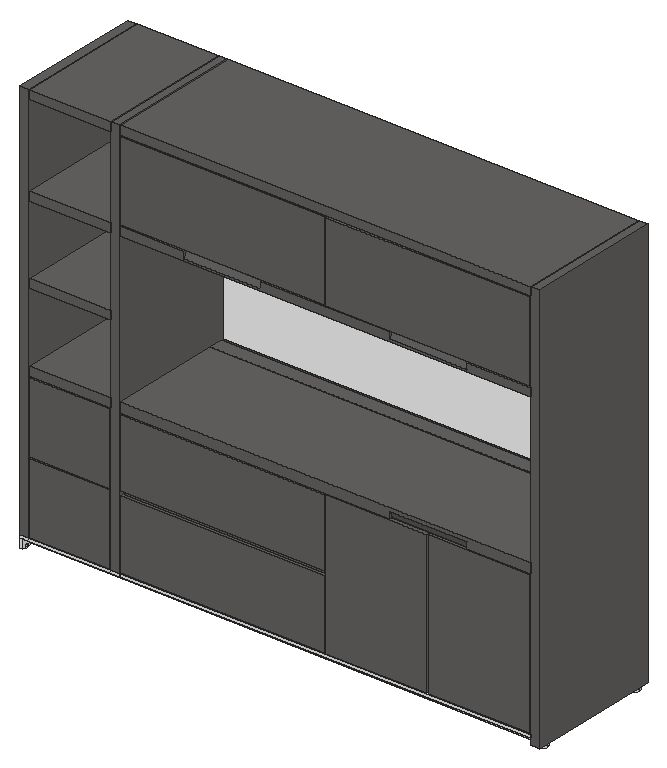
Revit family "Storage-Wall-Teknion-ZXLS_74_High_Without_Lights-R2011", category Furniture Systems, Revit 2013
Parameters (values of type "(See Type Catalog)")
  Working Wall Finish [instance] = Glass - Teknion - K6 - White Backpainted
  Width = 92.642"
  Warranty = "http://www.teknionstudio.com/pdfs/Teknion%20Studio%20Warranty.pdf"
  Wall Unit Finish [instance] = Veneer - Teknion - P7 - Grey Oak
  Unit Weight = 685.00 lbf
  URL = "www.teknionstudio.com"
  Right Tabletop Cutout Offset = if(Has Right Double Doors, 0", 4")  # 0"
  Left Tabletop Cutout Offset = if(Has Left Double Doors, 0", 4")  # 4"
  Storage Tower = Storage-Unit-Teknion-Tower : Upper Shelves & File/File Pedestal
  Series = "B&B Italia"
  Product Page URL = "http://www.teknionstudio.com/acexecutive/"
  Product Line = "AC Executive"
  Product Documentation Link = "http://www.teknionstudio.com/pricing/ac_executive_storage_walls_ppg.pdf"
  Part Number = "ZXLS"
  Model = ""
  Manufacturer Phone = "919-464-2920"
  Manufacturer Fax = "919-464-2927"
  Manufacturer Email = "customersupport@teknionstudio.com"
  Manufacturer Address = "3940 US 70 Business HWY West, Clayton, NC 27520"
  Manufacturer = "Teknion Studio"  # constant formula
  Low Emitting Material = yes
  Low Emitting Finish = yes
  Height = 73.81394"
  Has Right File File Drawers = not(Has Right Double Doors)  # no
  Has Right Double Doors = yes
  Has Left File File Drawers = not(Has Left Double Doors)  # yes
  Has Left Double Doors = no
  Description = ""
  Depth = 24"
  Assembly Code = "E2020200"
Reference planes (in)
  plane 1 "Center F/B": y = 0
  plane 2: z = 0
  plane 3 "Center L/R": x = -16.17703
  plane 4 "Back": y = 12
  plane 5 "Front": y = -12
  plane 6 "Top": z = 73.81394
  plane 7: x = 28.60446
  plane 8: z = 29.68402
  plane 9: z = 56.1289
  plane 10: x = -44.7815
  plane 11: z = 2.1289
  plane 12: x = -8.08852
  plane 13 "Foot Centerline": y = -11.2126
  plane 14 "Tabletop Cutout Left": y = -16
  plane 15 "Foot Centerline Front": y = -10.22835
  plane 16 "Foot Centerline Back": y = 10.22835
  plane 17: y = -8.484
  plane 18 "Tabletop Cutout Right": y = -12
  plane 19 "Right": x = 30.14397
  plane 20 "Left": x = -62.49803
Forms (in)
  Sweep 1, solid, material "Veneer - Teknion - P7 - Grey Oak" <- "Wall Unit Finish"
    path origin (0, 0, 15.40683) x (-1, 0, 0) y (0, -1, 0)
      loop
        line (16.17703, -12) -> (16.17703, 12)
    profile origin (-16.17703, 0, 15.40683) x (1, 0, 0) y (0, 0, 1)
      loop
        line (44.7815, -14.81732) -> (46.321, -14.81732) -> (46.321, 58.4071) -> (44.7815, 58.4071) -> (44.7815, -14.81732)
  Sweep 2, solid, material "Metal - Teknion - C6 - Chrome"
    path origin (0, 0, 0) x (1, 0, 0) y (0, 0, 1)
      loop
        line (28.60446, 2.1289) -> (-44.7815, 2.1289)
    profile origin (-8.08852, 0, 2.1289) x (0, 0, -1) y (0, -1, 0)
      loop
        line (0, 12) -> (0, 10.4252) -> (0.394, 10.4252) -> (0.394, 12) -> (0, 12)
  Sweep 3, solid, material "Metal - Teknion - C6 - Chrome"
    path origin (0, 0, 0) x (1, 0, 0) y (0, 0, 1)
      loop
        line (-44.7815, 2.1289) -> (28.60446, 2.1289)
    profile origin (-8.08852, 0, 2.1289) x (0, 0, 1) y (0, -1, 0)
      loop
        line (-0.394, 10.6222) -> (-1.575, 10.6222) -> (-1.575, 10.4252) -> (-0.394, 10.4252) -> (-0.394, 10.6222)
  Sweep 4, solid, material "Veneer - Teknion - P7 - Grey Oak" <- "Wall Unit Finish"
    path origin (0, 0, 0) x (1, 0, 0) y (0, 0, 1)
      loop
        line (-44.7815, 29.68402) -> (28.60446, 29.68402)
    profile origin (-8.08852, 0, 29.68402) x (0, 0, 1) y (0, -1, 0)
      loop
        line (0, 12) -> (-1.7638, 12) -> (-1.7638, 11.276) -> (-27.55512, 11.276) -> (-27.55512, -12) -> (44.12992, -12) -> (44.12992, 12) -> (42.59022, 12) -> (42.59022, 11.2126) -> (27.98392, 11.2126) -> (27.98392, 12) -> (26.44488, 12) -> (26.44488, -10.94094) -> (0, -10.94094) -> (0, -10.90969) -> (-0.72441, -10.90969) -> (-0.72441, -10.56693) -> (0, -10.56693) -> (0, -8.05709) -> (-0.72441, -8.05709) -> (-0.72441, -7.80709) -> (0, -7.80709) -> (0, 12)
  Sweep 5, solid, material "Veneer - Teknion - P7 - Grey Oak" <- "Wall Unit Finish"
    path origin (0, 0, 15.40683) x (-1, 0, 0) y (0, -1, 0)
      loop
        line (16.17703, 12) -> (16.17703, 11.276)
    profile origin (-16.17703, -11.638, 15.40683) x (-1, 0, 0) y (0, 0, 1)
      loop
        line (-44.5315, 42.5111) -> (-8.21358, 42.5111) -> (-8.21358, 56.6174) -> (-44.5315, 56.6174) -> (-44.5315, 42.5111)
      loop
        line (-7.96358, 56.6174) -> (-7.96358, 42.5111) -> (28.35446, 42.5111) -> (28.35446, 56.6174) -> (-7.96358, 56.6174)
  Sweep 6, solid, material "Veneer - Teknion - P7 - Grey Oak" <- "Wall Unit Finish", visible <- "Has Right Double Doors"
    path origin (0, 0, 15.40683) x (-1, 0, 0) y (0, -1, 0)
      loop
        line (16.17703, 12) -> (16.17703, 11.276)
    profile origin (-16.17703, -11.638, 15.40683) x (-1, 0, 0) y (0, 0, 1)
      loop
        line (-8.21345, 12.26339) -> (-26.25025, 12.26339) -> (-26.25025, -13.03482) -> (-8.21345, -13.03482) -> (-8.21345, 12.26339)
      loop
        line (-26.50025, 12.26339) -> (-44.5315, 12.26339) -> (-44.5315, -13.03482) -> (-26.50025, -13.03482) -> (-26.50025, 12.26339)
  Sweep 7, solid, material "Veneer - Teknion - P7 - Grey Oak" <- "Wall Unit Finish", visible <- "Has Right File File Drawers"
    path origin (0, 0, 15.40683) x (-1, 0, 0) y (0, -1, 0)
      loop
        line (16.17703, 12) -> (16.17703, 11.276)
    profile origin (-16.17703, -11.638, 15.40683) x (-1, 0, 0) y (0, 0, 1)
      loop
        line (-8.21352, 12.26339) -> (-44.53156, 12.26339) -> (-44.53156, 0.01144) -> (-8.21352, 0.01144) -> (-8.21352, 12.26339)
      loop
        line (-44.53156, -0.77597) -> (-44.53156, -13.03482) -> (-8.21352, -13.03482) -> (-8.21352, -0.77597) -> (-44.53156, -0.77597)
  Sweep 8, void
    path origin (0, 0, 0) x (1, 0, 0) y (0, 0, 1)
      loop
        line (3.388, 29.68402) -> (17.16752, 29.68402)
    profile origin (10.27776, 0, 29.68402) x (0, 0, 1) y (0, -1, 0)
      loop
        line (-1.7638, 12) -> (-1.7638, 11.52756) -> (-0.66143, 12) -> (-1.7638, 12)
  Sweep 9, void
    path origin (0, 0, 0) x (1, 0, 0) y (0, 0, 1)
      loop
        line (-33.3248, 56.1289) -> (-19.54528, 56.1289)
    profile origin (-26.43504, 0, 56.1289) x (0, 0, 1) y (0, -1, 0)
      loop
        line (1.53937, 12) -> (0.43699, 12) -> (1.53937, 11.52755) -> (1.53937, 12)
  Sweep 10, void
    path origin (0, 0, 0) x (1, 0, 0) y (0, 0, 1)
      loop
        line (3.36831, 56.1289) -> (17.14764, 56.1289)
    profile origin (10.25797, 0, 56.1289) x (0, 0, 1) y (0, -1, 0)
      loop
        line (1.53937, 11.52755) -> (1.53937, 12) -> (0.43699, 12) -> (1.53937, 11.52755)
  Revolve 11, solid, material "Metal - Teknion - C6 - Chrome"
    sketch origin (0, -10.22835, 0) x (0, 0, 1) y (1, 0, 0)
      loop
        line (0, 29.37415) -> (0.58951, 29.37415) -> (0.58951, 29.65649) -> (0.23622, 29.65649) -> (0.23622, 30.11214) -> (0, 30.11214) -> (0, 29.37415)
      axis (0, 29.37415) -> (0.58951, 29.37415)
    angle from 0 to 360
  Revolve 12, solid, material "Metal - Teknion - C6 - Chrome"
    sketch origin (0, 10.22835, 0) x (0, 0, 1) y (1, 0, 0)
      loop
        line (0, 29.37415) -> (0.58951, 29.37415) -> (0.58951, 29.65649) -> (0.23622, 29.65649) -> (0.23622, 30.11214) -> (0, 30.11214) -> (0, 29.37415)
      axis (0, 29.37415) -> (0.58951, 29.37415)
    angle from 0 to 360
  Sweep 13, void
    path origin (0, 0, 0) x (1, 0, 0) y (0, 0, 1)
      loop
        line (-19.56503, 29.68402) -> (-33.34456, 29.68402)
    profile origin (-26.45479, 0, 29.68402) x (0, 0, -1) y (0, -1, 0)
      loop
        line (1.7638, 15.52756) -> (1.7638, 16) -> (0.66143, 16) -> (1.7638, 15.52756)
  Sweep 14, solid, material "Veneer - Teknion - P7 - Grey Oak" <- "Wall Unit Finish", visible <- "Has Left Double Doors"
    path origin (-16.17703, 0, 0) x (0, 1, 0) y (0, 0, 1)
      loop
        line (-12, 2.1289) -> (-11.276, 2.1289)
    profile origin (-16.17703, -11.638, 2.1289) x (0, 0, 1) y (1, 0, 0)
      loop
        line (25.54132, 7.96352) -> (0.24311, 7.96352) -> (0.24311, -10.07328) -> (25.54132, -10.07328) -> (25.54132, 7.96352)
      loop
        line (0.24311, -10.32328) -> (0.24311, -28.35453) -> (25.54132, -28.35453) -> (25.54132, -10.32328) -> (0.24311, -10.32328)
  Sweep 15, solid, material "Veneer - Teknion - P7 - Grey Oak" <- "Wall Unit Finish", visible <- "Has Left File File Drawers"
    path origin (-16.17703, 0, 0) x (0, 1, 0) y (0, 0, 1)
      loop
        line (-12, 2.1289) -> (-11.276, 2.1289)
    profile origin (-16.17703, -11.638, 2.1289) x (0, 0, 1) y (1, 0, 0)
      loop
        line (25.54132, 7.96352) -> (13.28937, 7.96352) -> (13.28937, -28.35453) -> (25.54132, -28.35453) -> (25.54132, 7.96352)
      loop
        line (12.50197, -28.35453) -> (12.50197, 7.96352) -> (0.24311, 7.96352) -> (0.24311, -28.35453) -> (12.50197, -28.35453)
Cuts and joins
  joined: Sweep 2, Sweep 3
  Sweep 8, Sweep 9, Sweep 10, Sweep 13 cuts Sweep 4
Lines and regions (in)
  Masking region 1
    outline origin (0, 0, 15.40683) x (-1, 0, 0) y (0, -1, 0)
      loop
        line (44.7815, -12) -> (44.7815, 12) -> (-30.14397, 12) -> (-30.14397, -12) -> (44.7815, -12)
  symbolic lines, style "Elevation Swing"
    curve 1: line (-44.7815, -12, 57.66827) -> (-26.43501, -12, 72.02424)
    curve 2: line (-8.08852, -12, 57.66832) -> (-26.43501, -12, 72.02424)
    curve 3: line (-8.08852, 0, 57.66832) -> (10.25797, 0, 72.19583)
    curve 4: line (10.25797, 0, 72.19583) -> (28.60446, 0, 57.66827)
  symbolic lines, detail levels medium+fine
    curve 5: line (-44.7815, 12, 15.40683) -> (-44.7815, -12, 15.40683)
  symbolic lines, style "FurnitureSystemsHiddenLines", detail levels fine
    curve 6: line (28.60446, -11.276, 15.40683) -> (-44.7815, -11.276, 15.40683)
    curve 7: line (-8.08852, 12, 15.40683) -> (-8.08852, -12, 15.40683)
  symbolic lines, style "Elevation Swing", visible <- "Has Right Double Doors"
    curve 8: line (10.07321, 0, 27.67022) -> (-7.96358, 0, 15.02111)
    curve 9: line (-7.96358, 0, 15.02111) -> (10.07321, 0, 2.37201)
    curve 10: line (10.32321, 0, 2.37201) -> (28.35446, 0, 15.02111)
    curve 11: line (28.35446, 0, 15.02111) -> (10.32321, 0, 27.67022)
  symbolic lines, style "Elevation Swing", visible <- "Has Left Double Doors"
    curve 12: line (-8.21352, 0, 15.02111) -> (-26.25031, 0, 27.67022)
    curve 13: line (-8.21352, 0, 15.02111) -> (-26.25031, 0, 2.37201)
    curve 14: line (-26.50031, 0, 2.37201) -> (-44.53156, 0, 15.02111)
    curve 15: line (-44.53156, 0, 15.02111) -> (-26.50031, 0, 27.67022)
  symbolic lines, visible <- "Has Left Double Doors"
    curve 16: arc (-44.7815, -30.34649, 15.40683) -> (-31.80857, -24.97293, 15.40683) -> (-26.43501, -12, 15.40683) r 18.34649
    curve 17: arc (-26.43501, -12, 15.40683) -> (-21.06144, -24.97293, 15.40683) -> (-8.08852, -30.34649, 15.40683) r 18.34649
    curve 18: line (-44.7815, -12, 15.40683) -> (-44.7815, -30.34649, 15.40683)
    curve 22: line (-8.08852, -12, 15.40683) -> (-8.08852, -30.34649, 15.40683)
  symbolic lines, visible <- "Has Right Double Doors"
    curve 19: line (-8.08852, -12, 15.40683) -> (-8.08852, -30.34649, 15.40683)
    curve 20: arc (-8.08852, -30.34649, 15.40683) -> (4.88441, -24.97293, 15.40683) -> (10.25797, -12, 15.40683) r 18.34649
    curve 21: arc (10.25797, -12, 15.40683) -> (15.63154, -24.97293, 15.40683) -> (28.60446, -30.34649, 15.40683) r 18.34649
    curve 23: line (28.60446, -12, 15.40683) -> (28.60446, -30.34649, 15.40683)
Dimensions and locks (in)
  equal spacing: plane 4 "Back", plane 1 "Center F/B", plane 5 "Front"
  "Depth": plane 4 "Back" to plane 5 "Front"
  "Height": plane 6 "Top" to plane 2
  locked: plane 8 to plane 2 at 29.68402
  locked: plane 9 to plane 8 at 26.44488
  locked: plane 11 to plane 2 at 2.1289
  locked: plane 11 to Sweep 3 sketch curve at 0.394
  locked: Sweep 3 sketch curve to Sweep 3 sketch curve at 1.181
  plane 5 "Front" to Sweep 3 sketch curve to Sweep 3 sketch curve = 1.3778" locked, 0.197" locked
  locked: plane 5 "Front" to plane 13 "Foot Centerline" at 0.7874
  plane 11 to Sweep 4 sketch curve = 0"
  locked: plane 8 to Sweep 4 sketch curve at 1.7638
  locked: Sweep 1 sketch curve to plane 2 at 0.58951
  locked: plane 5 "Front" to Sweep 5 sketch curve at 0.724
  locked: plane 5 "Front" to Sweep 6 sketch curve at 0.724
  locked: plane 8 to Sweep 6 sketch curve at 2.0138  (x2)
  locked: Sweep 6 sketch curve to Sweep 6 sketch curve at 25.29821  (x2)
  Sweep 6 sketch curve to Sweep 6 sketch curve to Sweep 6 sketch curve to Sweep 6 sketch curve to plane 10 = 18 1/32" locked, 1/4" locked, 18.0368" locked, 36.81791"
  locked: plane 5 "Front" to Sweep 7 sketch curve at 0.724
  plane 8 to Sweep 7 sketch curve to Sweep 7 sketch curve to Sweep 7 sketch curve to Sweep 7 sketch curve = 2.0138" locked, 12.25195" locked, 0.7874" locked, 12.25886" locked
  Sweep 7 sketch curve to Sweep 7 sketch curve to plane 12 = 36.31805" locked, 1/8" locked  (x2)
  Sweep 8 sketch curve to Sweep 8 sketch curve to plane 12 = 13.77953" locked, 11.47651" locked
  locked: plane 8 to Sweep 8 sketch curve at 1.7638
  locked: plane 18 "Tabletop Cutout Right" to Sweep 8 sketch curve at 0.47244
  "Left Tabletop Cutout Offset": plane 14 "Tabletop Cutout Left" to plane 5 "Front"
  locked: Sweep 9 sketch curve to Sweep 9 sketch curve at 13.77953
  locked: Sweep 9 sketch curve to plane 9 at 1.53937
  locked: Sweep 9 sketch curve to plane 9 at 0.43699
  locked: plane 5 "Front" to Sweep 9 sketch curve at 0.47245
  Sweep 10 sketch curve to Sweep 10 sketch curve to plane 9 = 1.10238" locked, 0.43699" locked
  locked: plane 5 "Front" to Sweep 10 sketch curve at 0.47245
  equal spacing: plane 12, curve 2, plane 10
  equal spacing: plane 7, curve 4, plane 12
  locked: plane 5 "Front" to curve 6 at 0.724
  locked: plane 4 "Back" to plane 16 "Foot Centerline Back" at 1.77165
  locked: plane 5 "Front" to plane 15 "Foot Centerline Front" at 1.77165
  locked: plane 5 "Front" to plane 17 at 3.516
  locked: plane 11 to Sweep 2 sketch curve at 0.394
  locked: plane 5 "Front" to Sweep 2 sketch curve at 1.5748
  plane 12 to Sweep 13 sketch curve to Sweep 13 sketch curve = 11.47651" locked, 13.77953" locked
  plane 8 to Sweep 13 sketch curve to Sweep 13 sketch curve = 0.66143" locked, 1.10236" locked
  locked: plane 14 "Tabletop Cutout Left" to Sweep 13 sketch curve at 0.47244
  locked: plane 5 "Front" to Sweep 4 sketch curve at 0.724
  locked: plane 5 "Front" to Sweep 14 sketch curve at 0.724
  plane 12 to Sweep 14 sketch curve to Sweep 14 sketch curve to Sweep 14 sketch curve to Sweep 14 sketch curve = 1/8" locked, 18.0368" locked, 1/4" locked, 18 1/32" locked
  plane 8 to Sweep 14 sketch curve to Sweep 14 sketch curve = 2.0138" locked, 25.29821" locked  (x2)
  locked: plane 5 "Front" to Sweep 15 sketch curve at 0.724
  plane 8 to Sweep 15 sketch curve to Sweep 15 sketch curve to Sweep 15 sketch curve to Sweep 15 sketch curve = 2.0138" locked, 12.25195" locked, 0.7874" locked, 12.25886" locked
  plane 12 to Sweep 15 sketch curve to Sweep 15 sketch curve = 1/8" locked, 36.31805" locked  (x2)
  "Right Tabletop Cutout Offset": plane 18 "Tabletop Cutout Right" to plane 5 "Front"
  "Width": plane 20 "Left" to plane 19 "Right"
  equal spacing: plane 20 "Left", plane 3 "Center L/R", plane 19 "Right"
  locked: plane 7 to plane 19 "Right" at 1.5395
  locked: plane 20 "Left" to plane 10 at 17.71654
  equal spacing: plane 10, plane 12, plane 7
  Revolve 11 sketch curve to Revolve 11 sketch curve to plane 2 = 0.35329" locked, 0.23622" locked
  locked: plane 19 "Right" to Revolve 11 sketch curve at 0.76982
  plane 19 "Right" to Revolve 11 sketch curve to Revolve 11 sketch curve = 0.03183" locked, 0.45565" locked
  Revolve 12 sketch curve to Revolve 12 sketch curve to plane 2 = 0.35329" locked, 0.23622" locked
  locked: plane 19 "Right" to Revolve 12 sketch curve at 0.76982
  Revolve 12 sketch curve to Revolve 12 sketch curve to plane 19 "Right" = 0.45565" locked, 0.03183" locked
  Sweep 5 sketch curve to plane 3 "Center L/R" to Sweep 5 sketch curve to Sweep 5 sketch curve to Sweep 5 sketch curve = 28.35446" locked, 7.96358" locked, 1/4" locked, 36.31791" locked
  plane 6 "Top" to Sweep 5 sketch curve to Sweep 5 sketch curve = 1.7897" locked, 14.1063" locked  (x2)
  plane 7 to Sweep 10 sketch curve to Sweep 10 sketch curve = 11.45683" locked, 13.77933" locked
  aligned and locked: level to plane 2
  aligned and locked: plane 4 "Back" to Sweep 1 sketch curve
  aligned and locked: plane 5 "Front" to Sweep 1 sketch curve
  aligned and locked: Sweep 1 sketch curve to plane 3 "Center L/R"
  aligned and locked: Sweep 1 sketch curve to plane 6 "Top"
  aligned and locked: Sweep 2 sketch curve to plane 11  (x2)
  aligned and locked: Sweep 3 sketch curve to plane 11
  aligned and locked: plane 10 to Sweep 4 sketch curve
  aligned and locked: plane 7 to Sweep 4 sketch curve
  aligned and locked: Sweep 4 sketch curve to plane 8  (x4)
  aligned and locked: Sweep 4 sketch curve to plane 5 "Front"
  aligned and locked: plane 4 "Back" to Sweep 4 sketch curve
  aligned and locked: plane 3 "Center L/R" to Sweep 5 sketch curve
  aligned and locked: plane 5 "Front" to Sweep 5 sketch curve
  aligned and locked: Sweep 4 sketch curve to plane 9
  aligned and locked: plane 3 "Center L/R" to Sweep 6 sketch curve
  aligned and locked: plane 5 "Front" to Sweep 6 sketch curve
  aligned and locked: plane 5 "Front" to Sweep 7 sketch curve
  aligned and locked: plane 3 "Center L/R" to Sweep 7 sketch curve
  aligned and locked: Sweep 8 sketch curve to plane 8
  aligned and locked: Sweep 9 sketch curve to plane 9
  aligned and locked: Sweep 10 sketch curve to plane 9
  aligned and locked: Sweep 10 sketch curve to plane 5 "Front"
  aligned and locked: plane 10 to curve 1
  aligned and locked: plane 12 to curve 2
  aligned and locked: plane 7 to curve 4
  aligned and locked: plane 12 to curve 3
  aligned and locked: plane 4 "Back" to curve 5
  aligned and locked: plane 7 to curve 6
  aligned and locked: plane 4 "Back" to curve 7
  aligned and locked: plane 5 "Front" to Sweep 9 sketch curve
  aligned and locked: Sweep 4 sketch curve to plane 6 "Top"
  aligned and locked: plane 13 "Foot Centerline" to Sweep 4 sketch curve
  aligned and locked: plane 5 "Front" to Sweep 4 sketch curve  (x2)
  aligned and locked: plane 2 to nested 1
  aligned and locked: plane 1 "Center F/B" to nested 1
  aligned and locked: plane 7 to Sweep 2 sketch curve
  aligned and locked: plane 7 to Sweep 3 sketch curve
  aligned and locked: Sweep 2 sketch curve to plane 5 "Front"
  aligned and locked: Masking region 1 sketch curve to plane 4 "Back"
  aligned and locked: Masking region 1 sketch curve to plane 5 "Front"
  aligned and locked: plane 8 to Sweep 13 sketch curve
  aligned and locked: Sweep 13 sketch curve to plane 14 "Tabletop Cutout Left"
  aligned and locked: plane 10 to Sweep 2 sketch curve
  aligned and locked: Sweep 14 sketch curve to plane 11
  aligned and locked: plane 5 "Front" to Sweep 14 sketch curve
  aligned and locked: plane 5 "Front" to Sweep 15 sketch curve
  aligned and locked: Sweep 15 sketch curve to plane 11
  aligned and locked: Sweep 6 to curve 8
  aligned and locked: curve 9 to Sweep 6
  aligned and locked: Sweep 6 to curve 10
  aligned and locked: curve 11 to Sweep 6
  aligned and locked: curve 12 to Sweep 14
  aligned and locked: Sweep 14 to curve 13
  aligned and locked: Sweep 14 to curve 14
  aligned and locked: Sweep 14 to curve 15
  aligned and locked: plane 10 to Sweep 3 sketch curve
  aligned and locked: plane 18 "Tabletop Cutout Right" to Sweep 8 sketch curve
  aligned and locked: plane 7 to Sweep 1 sketch curve
  aligned and locked: Sweep 1 sketch curve to plane 19 "Right"
  aligned and locked: Masking region 1 sketch curve to plane 19 "Right"
  aligned and locked: plane 10 to Masking region 1 sketch curve
  aligned and locked: nested 1 to plane 20 "Left"
  aligned and locked: Revolve 11 sketch curve to plane 2
  aligned and locked: plane 2 to Revolve 12 sketch curve
  aligned and locked: curve 18 to plane 10
  aligned and locked: plane 5 "Front" to curve 18
  aligned and locked: plane 5 "Front" to curve 19
  aligned and locked: plane 5 "Front" to curve 17
  aligned and locked: plane 5 "Front" to curve 16
  aligned and locked: curve 22 to plane 12
  aligned and locked: plane 5 "Front" to curve 23
  aligned and locked: Sweep 1 to curve 23
  aligned and locked: plane 5 "Front" to curve 21
  aligned and locked: plane 5 "Front" to curve 20
Automatic sketch dimensions
  profile plane to Sweep 8 sketch curve = 0.66143"
  plane 9 to curve 2 = 1.53942"
  plane 9 to curve 1 = 1.53937"
  Sweep 4 sketch curve to Sweep 4 sketch curve = 0.72441"  (x2)
  Sweep 4 sketch curve to Sweep 4 sketch curve = 1.5397"
  Sweep 4 sketch curve to Sweep 4 sketch curve = 1.05906"
  Sweep 4 sketch curve to Sweep 4 sketch curve = 1/32"
  Sweep 4 sketch curve to Sweep 4 sketch curve = 0.34277"
  Sweep 4 sketch curve to Sweep 4 sketch curve = 2.50984"
  Sweep 4 sketch curve to Sweep 4 sketch curve = 1/4"
  Sweep 4 sketch curve to Sweep 4 sketch curve = 1.53904"
  Sweep 2 sketch curve to Sweep 2 sketch curve = 1.5748"
  plane 11 to curve 14 = 0.24311"
  curve 14 to curve 13 = 1/4"
  curve 15 to plane 8 = 2.0138"
  curve 12 to plane 12 = 1/8"
  curve 8 to plane 8 = 2.0138"
  curve 8 to curve 11 = 1/4"
  plane 11 to curve 10 = 0.24311"
  curve 9 to curve 10 = 1/4"
  plane 11 to curve 13 = 0.24311"
  plane 11 to curve 9 = 0.24311"
  plane 11 to curve 11 = 12.89222"
  plane 11 to curve 8 = 12.89222"
  plane 11 to curve 14 = 12.89222"
  curve 12 to curve 8 = 0"
  curve 12 to curve 15 = 0"
  curve 11 to curve 8 = 0"
  plane 9 to curve 4 = 1.53937"
  plane 9 to curve 3 = 1.53942"
  curve 3 to plane 6 "Top" = 1.61811"
  Revolve 11 sketch curve to level = 0"
  Revolve 11 sketch curve to Revolve 11 sketch curve = 0"  (x2)
  Revolve 12 sketch curve to level = 0"
  Revolve 12 sketch curve to Revolve 12 sketch curve = 0"  (x2)
  curve 2 to plane 6 "Top" = 1.7897"
  curve 21 to curve 17 = 18.34649"
  curve 20 to curve 21 = 0"
  curve 16 to curve 17 = 0"
Nested families (in)
  nested 1: "Storage-Unit-Teknion-Tower" at (-53.63976, 0, 0) x (-1, 0, 0) z (0, 0, 1), type <- "Storage Tower", Height <- "Height", type "Upper Shelves & File/File Pedestal"
    with Height 73.81394", Has Top Shelf no, Bottom Drawer Height 13.047"
Definition of nested family "Storage-Unit-Teknion-Tower"
  Parameters (values of type "Upper Wardrobe & Lower Door")
    Width = 17.71654"
    Warranty = "http://www.teknionstudio.com/pdfs/Teknion%20Studio%20Warranty.pdf"
    Wall Unit Finish = Veneer - Teknion - P8 - Light Brushed Oak
    URL = "www.teknionstudio.com"
    Series = "B&B Italia"
    Product Line = "AC Executive"
    Model = ""
    Middle Drawer Height = if(Has Top Drawer, 6.425", 12.719")  # 12.719"
    Manufacturer Phone = "919-464-2920"
    Manufacturer Fax = "919-464-2927"
    Manufacturer Email = "customersupport@teknionstudio.com"
    Manufacturer Address = "3940 US 70 Business HWY West, Clayton, NC 27520"
    Manufacturer = "Teknion Studio"  # constant formula
    Height [instance] = 73.81394"
    Has Top Shelf [instance] = and(Height > 75", Has Shelves)  # no
    Has Top Drawer = no
    Has Top Door = yes
    Has Shelves = no
    Has Right Leg = yes
    Has Middle Drawer = no
    Has Lower Shelf = yes
    Has Left Leg = no
    Has Full Wardrobe Door = no
    Has Doors = yes
    Door Projection Symbol = yes
    Description = "Tower Storage Unit"
    Depth = 24"
    Bottom Drawer Height [instance] = if(Has Middle Drawer, 13.047", if(Has Top Drawer, 13.047", if(Has Full Wardrobe Door, (Height - 3.668"), 26.016")))  # 26.016"
    Assembly Code = "E2010200"
  Types (7): name | Wall Unit Finish | Series | Product Line | Middle Drawer Height | Has Top Drawer | Has Top Door | Has Shelves | Has Middle Drawer | Has Lower Shelf | Has Full Wardrobe Door | Has Doors | Door Projection Symbol | Bottom Drawer Height
    Upper Shelves & Lower Door | none | "AC Executive" | "" | 12.719" | no | no | yes | no | yes | no | yes | yes | 26.016"
    Upper Shelves & File/File Pedestal | none | "AC Executive" | "" | 12.719" | no | no | yes | yes | yes | no | no | no | 13.047"
    Upper Shelves & Box/Box/File Pedestal | Veneer - Teknion - P8 - Light Brushed Oak | "AC Executive" | "" | 6.425" | yes | no | yes | yes | yes | yes | no | no | 13.047"
    Full Wardrobe | none | "AC Executive" | "" | 12.719" | no | no | no | no | no | yes | yes | yes | 70.14594"
    Upper Wardrobe & Lower Door | Veneer - Teknion - P8 - Light Brushed Oak | "B&B Italia" | "AC Executive" | 12.719" | no | yes | no | no | yes | no | yes | yes | 26.016"
    Upper Wardrobe & File/File Pedestal | none | "AC Executive" | "" | 12.719" | no | yes | no | yes | yes | no | no | yes | 13.047"
    Upper Wardrobe & Box/Box/File Pedestal | none | "AC Executive" | "" | 6.425" | yes | yes | no | yes | yes | no | no | yes | 13.047"
  Reference planes (in)
    plane 1 "Center F/B": y = 0
    plane 2: z = 0
    plane 3 "Center L/R": x = 0
    plane 4 "Left": x = -8.85827
    plane 5 "Right": x = 8.85827
    plane 6 "Back": y = 12
    plane 7 "Front": y = -12
    plane 8 "Top": z = 73.81394
    plane 9: x = -7.3189
    plane 10: x = 7.3189
    plane 11: z = 2.1289
    plane 12 "Foot Centerline": y = -11.2126
    plane 13: z = 29.68402
    plane 14 "Drawer 1 Top": z = 28.1449
    plane 15 "Drawer 2 Top": z = 40.8639
    plane 16 "Drawer 3 Top": z = 27.89502
    plane 17: z = 42.13677
  Forms (in)
    Sweep 1, solid, material "Metal - Teknion - C6 - Chrome", visible <- "Has Left Leg"
      path origin (0, -12, 0) x (1, 0, 0) y (0, 0, 1)
        loop
          line (-8.85827, 1.7349) -> (-8.85827, 0.05803)
      profile origin (-8.85827, -12, 0.89646) x (0, -1, 0) y (1, 0, 0)
        loop
          line (-1.5748, 0) -> (0, 0) -> (0, 0.394) -> (-1.5748, 0.394) -> (-1.5748, 0)
    Sweep 2, solid, material "Metal - Teknion - C6 - Chrome"
      path origin (0, -12, 0) x (1, 0, 0) y (0, 0, 1)
        loop
          line (-8.85827, 2.1289) -> (8.46427, 2.1289)
      profile origin (-0.197, -12, 2.1289) x (0, 0, 1) y (0, -1, 0)
        loop
          line (-0.394, -1.5748) -> (-0.394, -1.3778) -> (-1.575, -1.3778) -> (-1.575, -1.5748) -> (-0.394, -1.5748)
    Revolve 3, solid, material "Metal - Teknion - C6 - Chrome"
      sketch origin (0, -11.2126, 0) x (0, 0, -1) y (1, 0, 0)
        loop
          line (-0.4911, 8.32677) -> (-0.45173, 8.2874) -> (-0.28492, 8.2874) -> (-0.24555, 8.32677) -> (-0.20618, 8.2874) -> (-0.03937, 8.2874) -> (0, 8.32677) -> (0, 8.66142) -> (-0.4911, 8.66142) -> (-0.4911, 8.32677)
        axis (0, 8.66142) -> (-0.4911, 8.66142)
      angle from 0 to 360
    Revolve 4, solid, material "Metal - Teknion - C6 - Chrome", visible <- "Has Left Leg"
      sketch origin (0, -11.2126, 0) x (0, 0, -1) y (1, 0, 0)
        loop
          line (0, -8.99606) -> (0, -8.66142) -> (-0.4911, -8.66142) -> (-0.4911, -8.99606) -> (-0.45173, -9.03543) -> (-0.28492, -9.03543) -> (-0.24555, -8.99606) -> (-0.20618, -9.03543) -> (-0.03937, -9.03543) -> (0, -8.99606)
        axis (0, -8.66142) -> (-0.4911, -8.66142)
      angle from 0 to 360
    Sweep 5, solid, material "Veneer - Teknion - P8 - Light Brushed Oak" <- "Wall Unit Finish"
      path origin (0, 0, 0) x (1, 0, 0) y (0, 0, 1)
        loop
          line (0, 2.1289) -> (0, 73.81394)
      profile origin (0, 0, 37.97142) x (-1, 0, 0) y (0, -1, 0)
        loop
          line (8.85827, -12) -> (8.85827, 12) -> (7.3189, 12) -> (7.3189, -12) -> (8.85827, -12)
        loop
          line (-7.3189, 12) -> (-8.85827, 12) -> (-8.85827, -12) -> (-7.3189, -12) -> (-7.3189, 12)
    Sweep 6, solid, material "Veneer - Teknion - P8 - Light Brushed Oak" <- "Wall Unit Finish"
      path origin (0, 0, 15.40683) x (-1, 0, 0) y (0, -1, 0)
        loop
          line (0, -12) -> (0, 12)
      profile origin (0, 0, 15.40683) x (1, 0, 0) y (0, 0, 1)
        loop
          line (-7.3189, 58.4071) -> (-7.3189, 56.86773) -> (7.3189, 56.86773) -> (7.3189, 58.4071) -> (-7.3189, 58.4071)
    Sweep 7, solid, material "Veneer - Teknion - P8 - Light Brushed Oak" <- "Wall Unit Finish"
      path origin (0, -12, 0) x (1, 0, 0) y (0, 0, 1)
        loop
          line (0, 2.1289) -> (0, 72.27457)
      profile origin (0, -12, 37.20173) x (-1, 0, 0) y (0, -1, 0)
        loop
          line (7.3189, -24) -> (7.3189, -23.25) -> (-7.3189, -23.25) -> (-7.3189, -24) -> (7.3189, -24)
    Sweep 8, solid, material "Veneer - Teknion - P8 - Light Brushed Oak" <- "Wall Unit Finish", visible <- "Has Lower Shelf"
      path origin (0, -12, 0) x (1, 0, 0) y (0, 0, 1)
        loop
          line (-7.3189, 29.68402) -> (7.3189, 29.68402)
      profile origin (0, -12, 29.68402) x (0, 0, 1) y (0, -1, 0)
        loop
          line (0, 0) -> (-1.539, 0) -> (-1.539, -0.724) -> (-27.55512, -0.724) -> (-27.55512, -23.25) -> (0, -23.25) -> (0, 0)
    Sweep 9, solid, material "Veneer - Teknion - P8 - Light Brushed Oak" <- "Wall Unit Finish"
      path origin (0, -12, 0) x (1, 0, 0) y (0, 0, 1)
        loop
          line (0, 2.3789) -> (0, 27.8949)
      profile origin (0, -12, 15.1369) x (-1, 0, 0) y (0, -1, 0)
        loop
          line (7.0689, -0.724) -> (7.0689, 0) -> (-7.0689, 0) -> (-7.0689, -0.724) -> (7.0689, -0.724)
    Sweep 10, solid, material "Veneer - Teknion - P8 - Light Brushed Oak" <- "Wall Unit Finish", visible <- "Has Middle Drawer"
      path origin (0, -12, 0) x (1, 0, 0) y (0, 0, 1)
        loop
          line (0, 28.1449) -> (0, 40.8639)
      profile origin (0, -12, 34.5044) x (-1, 0, 0) y (0, -1, 0)
        loop
          line (7.0689, -0.724) -> (7.0689, 0) -> (-7.0689, 0) -> (-7.0689, -0.724) -> (7.0689, -0.724)
    Sweep 11, solid, material "Veneer - Teknion - P8 - Light Brushed Oak" <- "Wall Unit Finish", visible <- "Has Top Drawer"
      path origin (0, -12, 0) x (1, 0, 0) y (0, 0, 1)
        loop
          line (0, 47.15802) -> (0, 41.1139)
      profile origin (0, -12, 44.13596) x (0, -1, 0) y (1, 0, 0)
        loop
          line (0, 7.0689) -> (-0.724, 7.0689) -> (-0.724, -7.0689) -> (0, -7.0689) -> (0, 7.0689)
    Sweep 12, solid, material "Veneer - Teknion - P8 - Light Brushed Oak" <- "Wall Unit Finish", visible <- "Has Shelves"
      path origin (0, -12, 0) x (1, 0, 0) y (0, 0, 1)
        loop
          line (0, 42.13677) -> (0, 43.67614)
      profile origin (0, -12, 42.90646) x (-1, 0, 0) y (0, -1, 0)
        loop
          line (7.3189, -23.25) -> (7.3189, 0) -> (-7.3189, 0) -> (-7.3189, -23.25) -> (7.3189, -23.25)
    Sweep 13, solid, material "Veneer - Teknion - P8 - Light Brushed Oak" <- "Wall Unit Finish", visible <- "Has Shelves"
      path origin (0, -12, 13.9918) x (1, 0, 0) y (0, 0, 1)
        loop
          line (0, 42.13677) -> (0, 43.67614)
      profile origin (0, -12, 56.89825) x (-1, 0, 0) y (0, -1, 0)
        loop
          line (7.3189, -23.25) -> (7.3189, 0) -> (-7.3189, 0) -> (-7.3189, -23.25) -> (7.3189, -23.25)
    Sweep 14, solid, material "Veneer - Teknion - P8 - Light Brushed Oak" <- "Wall Unit Finish", visible <- "Has Top Door"
      path origin (0, -12, 0) x (1, 0, 0) y (0, 0, 1)
        loop
          line (0, 29.93402) -> (0, 72.02457)
      profile origin (0, -12, 50.97929) x (-1, 0, 0) y (0, -1, 0)
        loop
          line (7.0689, -0.724) -> (7.0689, 0) -> (-7.0689, 0) -> (-7.0689, -0.724) -> (7.0689, -0.724)
    Sweep 15, solid, material "Veneer - Teknion - P8 - Light Brushed Oak" <- "Wall Unit Finish"
      path origin (0, -12, 0) x (1, 0, 0) y (0, 0, 1)
        loop
          line (-8.85827, 2.1289) -> (8.85827, 2.1289)
      profile origin (0, -12, 2.1289) x (0, 0, 1) y (0, -1, 0)
        loop
          line (0, -1.5748) -> (-1.53937, -1.5748) -> (-1.53937, -24) -> (0, -24) -> (0, -1.5748)
    Sweep 16, solid, material "Veneer - Teknion - P8 - Light Brushed Oak" <- "Wall Unit Finish", visible <- "Has Top Shelf"
      path origin (0, 0, 0) x (1, 0, 0) y (0, 0, 1)
        loop
          line (0, 73.81394) -> (0, 72.27457)
      profile origin (0, 0, 73.04425) x (0, -1, 0) y (1, 0, 0)
        loop
          line (-11.25, -7.3189) -> (12, -7.3189) -> (12, 7.3189) -> (-11.25, 7.3189) -> (-11.25, -7.3189)
    Sweep 17, solid, material "Metal - Teknion - C6 - Chrome"
      path origin (0, 0, 0) x (1, 0, 0) y (0, 0, 1)
        loop
          line (-8.85827, 2.1289) -> (8.85827, 2.1289)
      profile origin (0, 0, 2.1289) x (0, 0, 1) y (0, -1, 0)
        loop
          line (0, 10.4252) -> (0, 12) -> (-0.394, 12) -> (-0.394, 10.4252) -> (0, 10.4252)
    Sweep 18, solid, material "Metal - Teknion - C6 - Chrome"
      path origin (0, 0, 0) x (1, 0, 0) y (0, 0, 1)
        loop
          line (8.85827, 1.7349) -> (8.85827, 0.05803)
      profile origin (8.85827, 0, 0.89646) x (0, -1, 0) y (1, 0, 0)
        loop
          line (10.4252, -0.394) -> (12, -0.394) -> (12, 0) -> (10.4252, 0) -> (10.4252, -0.394)
  Lines and regions (in)
    Masking region 1
      outline origin (0, 0, 15.40683) x (-1, 0, 0) y (0, -1, 0)
        loop
          line (8.85827, -12) -> (8.85827, 12) -> (-8.85827, 12) -> (-8.85827, -12) -> (8.85827, -12)
    symbolic lines, style "FurnitureSystems", detail levels medium+fine
      curve 1: line (-7.3189, 12, 15.40683) -> (-7.3189, -12, 15.40683)
      curve 2: line (7.3189, 12, 15.40683) -> (7.3189, -12, 15.40683)
    symbolic lines, style "FurnitureSystemsHiddenLines", detail levels fine
      curve 3: line (-7.3189, -11.276, 15.40683) -> (7.3189, -11.276, 15.40683)
    symbolic lines, style "Elevation Swing", visible <- "Has Doors"
      curve 4: line (-7.3189, -12, 2.1289) -> (7.3189, -12, 15.1369)
      curve 5: line (7.3189, -12, 15.1369) -> (-7.3189, -12, 28.1449)
    symbolic lines, style "Elevation Swing", visible <- "Has Top Door"
      curve 6: line (-7.3189, -12, 29.68402) -> (7.3189, -12, 50.97929)
      curve 7: line (7.3189, -12, 50.97929) -> (-7.3189, -12, 72.27457)
    symbolic lines, style "FurnitureSystems", visible <- "Door Projection Symbol"
      curve 8: arc (-7.3189, -12, 0) -> (-3.03159, -22.35048, 0) -> (7.3189, -26.6378, 0) r 14.6378
    symbolic lines, visible <- "Door Projection Symbol"
      curve 9: line (7.3189, -12, 15.40683) -> (7.3189, -26.6378, 15.40683)
  Dimensions and locks (in)
    equal spacing: plane 4 "Left", plane 3 "Center L/R", plane 5 "Right"
    "Width": plane 4 "Left" to plane 5 "Right"
    equal spacing: plane 6 "Back", plane 1 "Center F/B", plane 7 "Front"
    "Depth": plane 6 "Back" to plane 7 "Front"
    locked: plane 4 "Left" to plane 9 at 1.53937
    locked: plane 10 to plane 5 "Right" at 1.53937
    "Height": plane 8 "Top" to level
    locked: Sweep 1 sketch curve to level at 0.05803
    locked: plane 11 to plane 2 at 2.1289
    plane 11 to Sweep 2 sketch curve to Sweep 2 sketch curve = 0.394" locked, 1.181" locked
    plane 7 "Front" to Sweep 2 sketch curve to Sweep 2 sketch curve = 1.3778" locked, 0.197" locked
    locked: Revolve 3 sketch curve to plane 2 at 0.4911  (x2)
    locked: plane 5 "Right" to Revolve 3 sketch curve at 0.57087
    locked: plane 7 "Front" to plane 12 "Foot Centerline" at 0.7874
    Revolve 3 sketch curve to Revolve 3 sketch curve to Revolve 3 sketch curve to Revolve 3 sketch curve to plane 2 = 0.16681" locked, 0.07874" locked, 0.16681" locked, 0.03937" locked
    locked: Revolve 4 sketch curve to plane 2 at 0.4911  (x2)
    locked: Revolve 4 sketch curve to Revolve 4 sketch curve at 0.37402
    Revolve 4 sketch curve to Revolve 4 sketch curve to Revolve 4 sketch curve to Revolve 4 sketch curve to plane 2 = 0.16681" locked, 0.07874" locked, 0.16681" locked, 0.03937" locked
    locked: Revolve 4 sketch curve to plane 4 "Left" at 0.19685
    locked: plane 8 "Top" to Sweep 6 sketch curve at 1.53937
    locked: plane 8 "Top" to Sweep 7 sketch curve at 1.53937
    locked: plane 6 "Back" to Sweep 7 sketch curve at 0.75
    locked: plane 13 to plane 2 at 29.68402
    locked: plane 7 "Front" to Sweep 8 sketch curve at 0.724
    locked: plane 13 to Sweep 8 sketch curve at 1.539
    locked: plane 13 to plane 16 "Drawer 3 Top" at 1.789
    "Bottom Drawer Height": plane 14 "Drawer 1 Top" to plane 11
    "Middle Drawer Height": plane 15 "Drawer 2 Top" to plane 14 "Drawer 1 Top"
    locked: plane 14 "Drawer 1 Top" to Sweep 9 sketch curve at 0.25
    locked: plane 7 "Front" to Sweep 9 sketch curve at 0.724
    locked: Sweep 10 sketch curve to plane 12 "Foot Centerline" at 0.0634
    locked: plane 7 "Front" to Sweep 11 sketch curve at 0.724
    locked: plane 17 to plane 13 at 12.45276
    group 1 to group 2 = 0"  (x2)
    group 1 to group 2 = 13.9918"
    locked: Sweep 13 to plane 17 at 13.9918
    locked: plane 8 "Top" to Sweep 14 sketch curve at 1.78937
    locked: Sweep 14 sketch curve to plane 13 at 0.25
    locked: plane 7 "Front" to Sweep 14 sketch curve at 0.724
    locked: plane 11 to Sweep 15 sketch curve at 1.53937
    locked: plane 7 "Front" to Sweep 15 sketch curve at 1.5748
    equal spacing: Sweep 6, curve 7, plane 13
    equal spacing: plane 14 "Drawer 1 Top", curve 5, plane 11
    locked: plane 6 "Back" to Sweep 16 sketch curve at 0.75
    Sweep 16 sketch curve to Sweep 16 sketch curve to plane 2 = 1.53937" locked, 72.27457" locked
    locked: Sweep 9 sketch curve to plane 11 at 0.25
    locked: plane 9 to Sweep 9 sketch curve at 0.25
    locked: Sweep 9 sketch curve to plane 10 at 0.25
    locked: Sweep 11 sketch curve to plane 15 "Drawer 2 Top" at 0.25
    locked: plane 9 to Sweep 11 sketch curve at 0.25
    locked: Sweep 11 sketch curve to plane 10 at 0.25
    locked: Sweep 10 sketch curve to plane 10 at 0.25
    locked: plane 9 to Sweep 10 sketch curve at 0.25
    locked: Sweep 11 sketch curve to Sweep 11 sketch curve at 6.04412
    locked: Sweep 14 sketch curve to plane 10 at 0.25
    locked: plane 9 to Sweep 14 sketch curve at 0.25
    locked: plane 4 "Left" to Sweep 1 sketch curve at 0.394
    locked: plane 7 "Front" to Sweep 1 sketch curve at 1.5748
    locked: plane 11 to Sweep 1 sketch curve at 0.394
    locked: Sweep 17 sketch curve to plane 7 "Front" at 1.5748
    locked: plane 11 to Sweep 17 sketch curve at 0.394
    locked: Sweep 18 sketch curve to plane 2 at 0.05803
    locked: Sweep 18 sketch curve to plane 5 "Right" at 0.394
    locked: plane 7 "Front" to Sweep 18 sketch curve at 1.5748
    locked: plane 11 to Sweep 18 sketch curve at 0.394
    locked: plane 5 "Right" to Sweep 2 sketch curve at 0.394
    aligned and locked: level to plane 2
    aligned and locked: Sweep 1 sketch curve to plane 4 "Left"
    aligned and locked: Sweep 2 sketch curve to plane 11
    aligned and locked: plane 2 to Revolve 3 sketch curve
    aligned and locked: Revolve 3 sketch curve to plane 2
    aligned and locked: plane 2 to Revolve 4 sketch curve
    aligned and locked: Revolve 4 sketch curve to plane 2
    aligned and locked: plane 8 "Top" to Sweep 5 sketch curve
    aligned and locked: plane 11 to Sweep 5 sketch curve
    aligned and locked: plane 3 "Center L/R" to Sweep 5 sketch curve
    aligned and locked: Sweep 5 sketch curve to plane 6 "Back"
    aligned and locked: plane 6 "Back" to Sweep 5 sketch curve
    aligned and locked: Sweep 5 sketch curve to plane 10
    aligned and locked: plane 5 "Right" to Sweep 5 sketch curve
    aligned and locked: Sweep 5 sketch curve to plane 9
    aligned and locked: plane 4 "Left" to Sweep 5 sketch curve
    aligned and locked: Sweep 5 sketch curve to plane 7 "Front"
    aligned and locked: plane 7 "Front" to Sweep 5 sketch curve
    aligned and locked: plane 6 "Back" to Sweep 6 sketch curve
    aligned and locked: plane 7 "Front" to Sweep 6 sketch curve
    aligned and locked: Sweep 6 sketch curve to plane 3 "Center L/R"
    aligned and locked: plane 9 to Sweep 6 sketch curve
    aligned and locked: Sweep 6 sketch curve to plane 8 "Top"
    aligned and locked: Sweep 6 sketch curve to plane 10
    aligned and locked: plane 11 to Sweep 7 sketch curve
    aligned and locked: plane 3 "Center L/R" to Sweep 7 sketch curve
    aligned and locked: plane 9 to Sweep 7 sketch curve
    aligned and locked: Sweep 7 sketch curve to plane 10
    aligned and locked: Sweep 7 sketch curve to plane 6 "Back"
    aligned and locked: plane 9 to Sweep 8 sketch curve
    aligned and locked: plane 10 to Sweep 8 sketch curve
    aligned and locked: Sweep 8 sketch curve to plane 13  (x2)
    aligned and locked: plane 7 "Front" to Sweep 8 sketch curve
    aligned and locked: Sweep 8 sketch curve to plane 11
    aligned and locked: plane 3 "Center L/R" to Sweep 9 sketch curve
    aligned and locked: Sweep 9 sketch curve to plane 7 "Front"
    aligned and locked: plane 15 "Drawer 2 Top" to Sweep 10 sketch curve
    aligned and locked: plane 14 "Drawer 1 Top" to Sweep 10 sketch curve
    aligned and locked: plane 3 "Center L/R" to Sweep 10 sketch curve
    aligned and locked: plane 7 "Front" to Sweep 10 sketch curve
    aligned and locked: Sweep 11 sketch curve to plane 3 "Center L/R"
    aligned and locked: Sweep 11 sketch curve to plane 7 "Front"
    aligned and locked: Sweep 13 to plane 9
    aligned and locked: plane 3 "Center L/R" to Sweep 14 sketch curve
    aligned and locked: Sweep 14 sketch curve to plane 7 "Front"
    aligned and locked: plane 4 "Left" to Sweep 15 sketch curve
    aligned and locked: plane 5 "Right" to Sweep 15 sketch curve
    aligned and locked: Sweep 15 sketch curve to plane 11  (x2)
    aligned and locked: Sweep 15 sketch curve to plane 6 "Back"
    aligned and locked: plane 4 "Left" to Masking region 1 sketch curve
    aligned and locked: Masking region 1 sketch curve to plane 6 "Back"
    aligned and locked: Masking region 1 sketch curve to plane 5 "Right"
    aligned and locked: Masking region 1 sketch curve to plane 7 "Front"
    aligned and locked: plane 6 "Back" to curve 1
    aligned and locked: curve 1 to plane 9
    aligned and locked: plane 7 "Front" to curve 2
    aligned and locked: plane 6 "Back" to curve 2
    aligned and locked: curve 2 to plane 10
    aligned and locked: plane 9 to curve 3
    aligned and locked: plane 10 to curve 3
    aligned and locked: curve 3 to Sweep 14
    aligned and locked: plane 11 to curve 4
    aligned and locked: plane 9 to curve 4
    aligned and locked: plane 10 to curve 5
    aligned and locked: plane 9 to curve 5
    aligned and locked: plane 14 "Drawer 1 Top" to curve 5
    aligned and locked: plane 13 to curve 6
    aligned and locked: plane 9 to curve 6
    aligned and locked: plane 9 to curve 7
    aligned and locked: curve 7 to Sweep 6
    aligned and locked: plane 7 "Front" to curve 8
    aligned and locked: curve 8 to plane 10
    aligned and locked: Sweep 16 sketch curve to plane 3 "Center L/R"
    aligned and locked: plane 9 to Sweep 16 sketch curve
    aligned and locked: Sweep 16 sketch curve to plane 10
    aligned and locked: Sweep 16 sketch curve to plane 7 "Front"
    aligned and locked: plane 4 "Left" to Sweep 17 sketch curve
    aligned and locked: plane 5 "Right" to Sweep 17 sketch curve
    aligned and locked: Sweep 17 sketch curve to plane 11  (x2)
    aligned and locked: Sweep 17 sketch curve to plane 7 "Front"
    aligned and locked: Sweep 18 sketch curve to plane 5 "Right"  (x2)
    aligned and locked: Sweep 18 sketch curve to plane 7 "Front"
    aligned and locked: plane 4 "Left" to Sweep 2 sketch curve
  Automatic sketch dimensions
    Revolve 3 sketch curve to Revolve 3 sketch curve = 0.03937"  (x3)
    Revolve 3 sketch curve to Revolve 3 sketch curve = 0"  (x2)
    Revolve 3 sketch curve to plane 5 "Right" = 0.19685"
    Revolve 4 sketch curve to Revolve 4 sketch curve = 0.03937"  (x3)
    Revolve 4 sketch curve to Revolve 4 sketch curve = 0"  (x2)
    Sweep 12 sketch curve to Sweep 12 sketch curve = 1.53937"
    profile plane to Sweep 12 sketch curve = 0"
    profile plane to Sweep 12 sketch curve = 7.3189"
    Sweep 12 sketch curve to profile plane = 7.3189"
    Sweep 12 sketch curve to profile plane = 23 1/4"
    Sweep 13 sketch curve to Sweep 13 sketch curve = 1.53937"
    profile plane to Sweep 13 sketch curve = 0"
    profile plane to Sweep 13 sketch curve = 7.3189"
    Sweep 13 sketch curve to profile plane = 7.3189"
    Sweep 13 sketch curve to profile plane = 23 1/4"
    Sweep 8 sketch curve to Sweep 8 sketch curve = 22.526"
    curve 7 to plane 10 = 0"
    curve 8 to plane 9 = 0"
    plane 7 "Front" to curve 1 = 0"
    plane 7 "Front" to curve 9 = 14.6378"
    Sweep 1 sketch curve to profile plane = 0"
    plane 7 "Front" to Sweep 1 sketch curve = 0"
